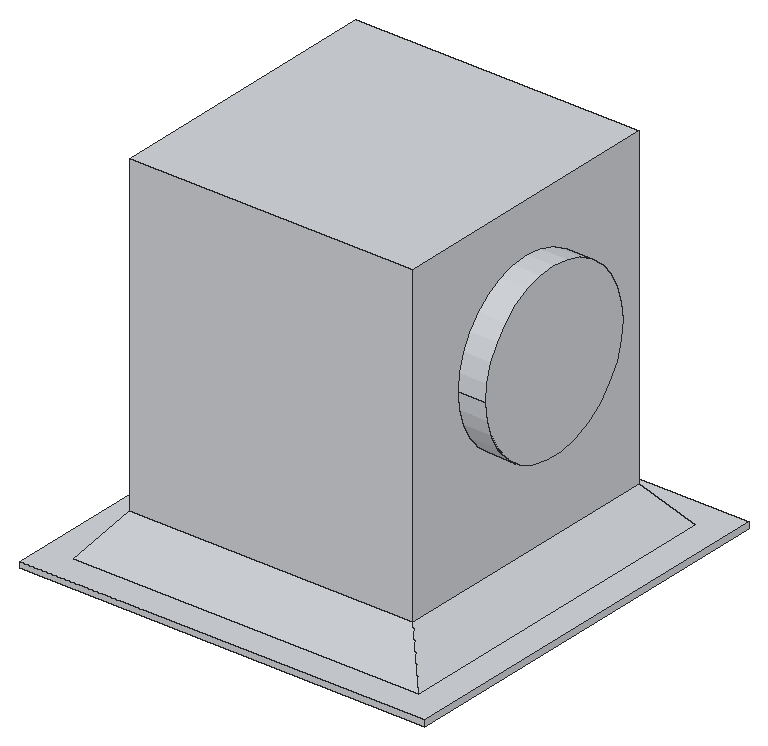
Revit family "Difusor de suprimento e retorno com Plenum combinado - Quadrado", category Terminais de ar, Revit 2019
Family settings
  Cota do conector redondo = Usar raio
  Tipo de parte = Normal
  ID de item do Seek = Supply Diffuser - Rectangular Face Round Neck-0000-CAN-ENU
  Com base no plano de trabalho = Não
  Sempre na vertical = Sim
  Corte com vazios quando carregada = Não
  Compartilhado = Não
  Ponto de cálculo do ambiente = Não
Parameters (values of type "Padrão")
  Altura total = 318 mm
  Comprimento do macho de torneira = 25 mm
  Altura de conexão da torneira = 200 mm
  Queda de pressão [instance] = 0.0 Pa
  Largura da lâmina 4 = Largura da grelha * 4 / 5  # 284.8 mm
  Largura da lâmina 3 = Largura da grelha * 3 / 5  # 213.6 mm
  Largura da lâmina 2 = Largura da grelha * 2 / 5  # 142.4 mm
  Largura da lâmina 1 = Largura da grelha * 1 / 5  # 71.2 mm
  Largura da grelha = 356 mm
  Material do difusor = none
  Altura do difusor = 40 mm
  Largura do difusor = Largura do plenum + 55 mm  # 304 mm
  UpFlowArrow [instance] = yes
  Largura do plenum = 249 mm
  RightFlowArrow [instance] = yes
  LeftFlowArrow [instance] = yes
  Fluxo [instance] = 0.0 L/s
  Raio do duto = 75 mm
  Diâmetro do duto = Raio do duto * 2  # 150 mm
  DownFlowArrow [instance] = yes
  Assembly Code = ""
Reference planes
  plane 1 "Centro (frente/trás)": y = 0
  plane 2: z = 0
  plane 3 "Centro (direita/esquerda)": x = 0
  plane 4: x = 457.2
  plane 5: y = 457.2
  plane 6: x = -457.2
  plane 7: y = -457.2
  plane 8 "Face da grelha": z = -5
  plane 9 "Inferior": z = 0
  plane 10 "Topo do difusor": z = 35
  plane 11 "Esquerda da grelha": x = -178
  plane 12 "Direita da grelha": x = 178
  plane 13 "Traseira da grelha": y = 178
  plane 14 "Frente da grelha": y = -178
  plane 15 "Esquerda": x = -152
  plane 16 "Direita": x = 152
  plane 17 "Parte posterior": y = 152
  plane 18 "Parte frontal": y = -152
  plane 19 "Frente superior do difusor": y = -124.5
  plane 20 "Traseira superior do difusor": y = 124.5
  plane 21 "Direita superior do difusor": x = 124.5
  plane 22 "Esquerda superior do difusor": x = -124.5
  plane 23 "Direita da lâmina 4": x = 142.4
  plane 24 "Frente da lâmina 4": y = -142.4
  plane 25 "Traseira da lâmina 4": y = 142.4
  plane 26 "Esquerda da lâmina 4": x = -142.4
  plane 27 "Traseira da lâmina 3": y = 106.8
  plane 28 "Frente da lâmina 3": y = -106.8
  plane 29 "Esquerda da lâmina 3": x = -106.8
  plane 30 "Direita da lâmina 3": x = 106.8
  plane 31 "Traseira da lâmina 2": y = 71.2
  plane 32 "Frente da lâmina 2": y = -71.2
  plane 33 "Direita da lâmina 2": x = 71.2
  plane 34 "Esquerda da lâmina 2": x = -71.2
  plane 35 "Esquerda da lâmina 1": x = -35.6
  plane 36 "Direita da lâmina 1": x = 35.6
  plane 37 "Traseira a lâmina 1": y = 35.6
  plane 38 "Frente da lâmina 1": y = -35.6
  plane 39 "Superior": z = 313
  plane 40 "Altura da torneira d": z = 195
  plane 41 "Torneira direita": x = 149.5
  plane 42 "Torneira esquerda": x = -149.5
Forms (mm)
  Blend 1, solid, material <- "Material do difusor"
    base sketch origin (0, 0, 0) x (1, 0, 0) y (0, 1, 0)
      loop
        line (-152, 152) -> (-152, -152) -> (152, -152) -> (152, 152) -> (-152, 152)
    top sketch origin (0, 0, 0) x (1, 0, 0) y (0, 1, 0)
      loop
        line (-124.5, 124.5) -> (-124.5, -124.5) -> (124.5, -124.5) -> (124.5, 124.5) -> (-124.5, 124.5)
    from 0 to 35
  Extrusion 2, solid, material <- "Material do difusor"
    sketch origin (0, 0, 0) x (1, 0, 0) y (0, 1, 0)
      loop
        line (-178, 178) -> (-178, -178) -> (178, -178) -> (178, 178) -> (-178, 178)
    from 0 to -5
  Extrusion 3, solid, material <- "Material do difusor"
    sketch origin (0, 0, 35) x (-1, 0, 0) y (0, -1, 0)
      loop
        line (124.5, -124.5) -> (124.5, 124.5) -> (-124.5, 124.5) -> (-124.5, -124.5) -> (124.5, -124.5)
    from 0 to 278
  Extrusion 4, solid, material <- "Material do difusor"
    sketch origin (124.5, 0, 0) x (0, 1, 0) y (0, 0, -1)
      loop
        circle (0, -195) r 75
    from 0 to -25
  Extrusion 5, solid, material <- "Material do difusor"
    sketch origin (-124.5, 0, 0) x (0, 1, 0) y (0, 0, 1)
      loop
        circle (0, 195) r 75
    from 0 to -25
Lines and regions (mm)
  symbolic lines
    curve 1: line (-152, 152, 0) -> (152, 152, 0)
    curve 2: line (152, 152, 0) -> (152, -152, 0)
    curve 3: line (152, -152, 0) -> (-152, -152, 0)
    curve 4: line (-152, -152, 0) -> (-152, 152, 0)
    curve 5: line (-152, 152, 0) -> (152, -152, 0)
    curve 6: line (-152, -152, 0) -> (152, 152, 0)
  model lines
    curve 7: line (-35.6, 35.6, -5) -> (35.6, 35.6, -5)
    curve 8: line (-35.6, -35.6, -5) -> (-35.6, 35.6, -5)
    curve 9: line (35.6, -35.6, -5) -> (-35.6, -35.6, -5)
    curve 10: line (35.6, 35.6, -5) -> (35.6, -35.6, -5)
    curve 11: line (-71.2, 71.2, -5) -> (71.2, 71.2, -5)
    curve 12: line (-71.2, -71.2, -5) -> (-71.2, 71.2, -5)
    curve 13: line (71.2, -71.2, -5) -> (-71.2, -71.2, -5)
    curve 14: line (71.2, 71.2, -5) -> (71.2, -71.2, -5)
    curve 15: line (-106.8, 106.8, -5) -> (106.8, 106.8, -5)
    curve 16: line (-106.8, -106.8, -5) -> (-106.8, 106.8, -5)
    curve 17: line (106.8, -106.8, -5) -> (-106.8, -106.8, -5)
    curve 18: line (106.8, 106.8, -5) -> (106.8, -106.8, -5)
    curve 19: line (-142.4, 142.4, -5) -> (142.4, 142.4, -5)
    curve 20: line (-142.4, -142.4, -5) -> (-142.4, 142.4, -5)
    curve 21: line (142.4, -142.4, -5) -> (-142.4, -142.4, -5)
    curve 22: line (142.4, 142.4, -5) -> (142.4, -142.4, -5)
Dimensions and locks
  "Largura do difusor": nested 3 to plane 3 "Centro (direita/esquerda)"
  "Largura do difusor": nested 2 to plane 1 "Centro (frente/trás)"
  "Largura do difusor": plane 3 "Centro (direita/esquerda)" to nested 1
  "Largura do difusor": nested 4 to plane 1 "Centro (frente/trás)"
  locked: plane 9 "Inferior" to plane 8 "Face da grelha" at 5
  "Altura do difusor": plane 10 "Topo do difusor" to plane 8 "Face da grelha"
  equal spacing: plane 11 "Esquerda da grelha", plane 3 "Centro (direita/esquerda)", plane 12 "Direita da grelha"
  "Largura da grelha": plane 11 "Esquerda da grelha" to plane 12 "Direita da grelha"
  equal spacing: plane 13 "Traseira da grelha", plane 1 "Centro (frente/trás)", plane 14 "Frente da grelha"
  "Largura da grelha": plane 13 "Traseira da grelha" to plane 14 "Frente da grelha"
  equal spacing: plane 18 "Parte frontal", plane 1 "Centro (frente/trás)", plane 17 "Parte posterior"
  "Largura do difusor": plane 17 "Parte posterior" to plane 18 "Parte frontal"
  equal spacing: plane 15 "Esquerda", plane 3 "Centro (direita/esquerda)", plane 16 "Direita"
  "Largura do difusor": plane 15 "Esquerda" to plane 16 "Direita"
  equal spacing: plane 20 "Traseira superior do difusor", plane 1 "Centro (frente/trás)", plane 19 "Frente superior do difusor"
  "Largura do plenum": plane 20 "Traseira superior do difusor" to plane 19 "Frente superior do difusor"
  "Largura do plenum": plane 22 "Esquerda superior do difusor" to plane 21 "Direita superior do difusor"
  equal spacing: plane 22 "Esquerda superior do difusor", plane 3 "Centro (direita/esquerda)", plane 21 "Direita superior do difusor"
  equal spacing: plane 26 "Esquerda da lâmina 4", plane 3 "Centro (direita/esquerda)", plane 23 "Direita da lâmina 4"
  "Largura da lâmina 4": plane 26 "Esquerda da lâmina 4" to plane 23 "Direita da lâmina 4"
  equal spacing: plane 24 "Frente da lâmina 4", plane 1 "Centro (frente/trás)", plane 25 "Traseira da lâmina 4"
  "Largura da lâmina 4": plane 24 "Frente da lâmina 4" to plane 25 "Traseira da lâmina 4"
  equal spacing: plane 29 "Esquerda da lâmina 3", plane 3 "Centro (direita/esquerda)", plane 30 "Direita da lâmina 3"
  "Largura da lâmina 3": plane 29 "Esquerda da lâmina 3" to plane 30 "Direita da lâmina 3"
  equal spacing: plane 28 "Frente da lâmina 3", plane 1 "Centro (frente/trás)", plane 27 "Traseira da lâmina 3"
  "Largura da lâmina 3": plane 28 "Frente da lâmina 3" to plane 27 "Traseira da lâmina 3"
  equal spacing: plane 31 "Traseira da lâmina 2", plane 1 "Centro (frente/trás)", plane 32 "Frente da lâmina 2"
  "Largura da lâmina 2": plane 32 "Frente da lâmina 2" to plane 31 "Traseira da lâmina 2"
  equal spacing: plane 34 "Esquerda da lâmina 2", plane 3 "Centro (direita/esquerda)", plane 33 "Direita da lâmina 2"
  "Largura da lâmina 2": plane 34 "Esquerda da lâmina 2" to plane 33 "Direita da lâmina 2"
  equal spacing: plane 37 "Traseira a lâmina 1", plane 1 "Centro (frente/trás)", plane 38 "Frente da lâmina 1"
  "Largura da lâmina 1": plane 38 "Frente da lâmina 1" to plane 37 "Traseira a lâmina 1"
  equal spacing: plane 35 "Esquerda da lâmina 1", plane 3 "Centro (direita/esquerda)", plane 36 "Direita da lâmina 1"
  "Largura da lâmina 1": plane 35 "Esquerda da lâmina 1" to plane 36 "Direita da lâmina 1"
  "Altura total": plane 39 "Superior" to plane 8 "Face da grelha"
  "Altura de conexão da torneira": plane 40 "Altura da torneira d" to plane 8 "Face da grelha"
  "Comprimento do macho de torneira": plane 21 "Direita superior do difusor" to plane 41 "Torneira direita"
  "Comprimento do macho de torneira": plane 22 "Esquerda superior do difusor" to plane 42 "Torneira esquerda"
  "Raio do duto": radius of Extrusion 4 sketch curve
  "Raio do duto": radius of Extrusion 5 sketch curve
  aligned and locked: curve 1 to Blend 1
  aligned and locked: curve 2 to Blend 1
  aligned and locked: curve 3 to Blend 1
  aligned and locked: curve 4 to Blend 1
  aligned and locked: plane 3 "Centro (direita/esquerda)" to nested 2
  aligned and locked: plane 1 "Centro (frente/trás)" to nested 1
  aligned and locked: nested 4 to plane 3 "Centro (direita/esquerda)"
  aligned and locked: nested 3 to plane 1 "Centro (frente/trás)"
  aligned and locked: plane 2 to plane 9 "Inferior"
  aligned and locked: plane 10 "Topo do difusor" to Blend 1
  aligned and locked: Extrusion 2 to plane 9 "Inferior"
  aligned and locked: Extrusion 2 to plane 8 "Face da grelha"
  aligned and locked: Extrusion 2 sketch curve to plane 13 "Traseira da grelha"
  aligned and locked: plane 11 "Esquerda da grelha" to Extrusion 2 sketch curve
  aligned and locked: plane 14 "Frente da grelha" to Extrusion 2 sketch curve
  aligned and locked: Extrusion 2 sketch curve to plane 12 "Direita da grelha"
  aligned and locked: Blend 1 sketch curve to plane 17 "Parte posterior"
  aligned and locked: plane 15 "Esquerda" to Blend 1 sketch curve
  aligned and locked: Blend 1 sketch curve to plane 18 "Parte frontal"
  aligned and locked: plane 16 "Direita" to Blend 1 sketch curve
  aligned and locked: Blend 1 sketch curve to plane 19 "Frente superior do difusor"
  aligned and locked: plane 22 "Esquerda superior do difusor" to Blend 1 sketch curve
  aligned and locked: Blend 1 sketch curve to plane 20 "Traseira superior do difusor"
  aligned and locked: plane 21 "Direita superior do difusor" to Blend 1 sketch curve
  aligned and locked: curve 20 to plane 26 "Esquerda da lâmina 4"
  aligned and locked: plane 25 "Traseira da lâmina 4" to curve 19
  aligned and locked: curve 22 to plane 23 "Direita da lâmina 4"
  aligned and locked: plane 24 "Frente da lâmina 4" to curve 21
  aligned and locked: curve 16 to plane 29 "Esquerda da lâmina 3"
  aligned and locked: plane 28 "Frente da lâmina 3" to curve 17
  aligned and locked: curve 18 to plane 30 "Direita da lâmina 3"
  aligned and locked: plane 27 "Traseira da lâmina 3" to curve 15
  aligned and locked: plane 32 "Frente da lâmina 2" to curve 13
  aligned and locked: curve 14 to plane 33 "Direita da lâmina 2"
  aligned and locked: plane 31 "Traseira da lâmina 2" to curve 11
  aligned and locked: curve 12 to plane 34 "Esquerda da lâmina 2"
  aligned and locked: curve 8 to plane 35 "Esquerda da lâmina 1"
  aligned and locked: plane 37 "Traseira a lâmina 1" to curve 7
  aligned and locked: curve 10 to plane 36 "Direita da lâmina 1"
  aligned and locked: plane 38 "Frente da lâmina 1" to curve 9
  aligned and locked: Extrusion 3 sketch curve to plane 20 "Traseira superior do difusor"
  aligned and locked: plane 22 "Esquerda superior do difusor" to Extrusion 3 sketch curve
  aligned and locked: plane 21 "Direita superior do difusor" to Extrusion 3 sketch curve
  aligned and locked: Extrusion 3 sketch curve to plane 19 "Frente superior do difusor"
  aligned and locked: Extrusion 3 to plane 10 "Topo do difusor"
  aligned and locked: plane 39 "Superior" to Extrusion 3
  aligned and locked: plane 40 "Altura da torneira d" to Extrusion 4 sketch curve
  aligned and locked: plane 1 "Centro (frente/trás)" to Extrusion 4 sketch curve
  aligned and locked: plane 21 "Direita superior do difusor" to Extrusion 4
  aligned and locked: plane 41 "Torneira direita" to Extrusion 4
  aligned and locked: Extrusion 5 to plane 42 "Torneira esquerda"
  aligned and locked: plane 22 "Esquerda superior do difusor" to Extrusion 5
Automatic sketch dimensions
  Extrusion 5 sketch curve to plane 1 "Centro (frente/trás)" = 0 mm
  Extrusion 5 sketch curve to plane 40 "Altura da torneira d" = 0 mm
Nested families
  nested 1: "Seta do terminal do duto" at (304, 0, 0), visible <- "RightFlowArrow", type "Seta do terminal do duto"
  nested 2: "Seta do terminal do duto" at (0, 304, 0) x (0, -1, 0) z (0, 0, 1), visible <- "UpFlowArrow", type "Seta do terminal de duto 2"
  nested 3: "Seta do terminal do duto" at (-304, 0, 0) x (-1, 0, 0) z (0, 0, 1), visible <- "LeftFlowArrow", type "Seta do terminal do duto"
  nested 4: "Seta do terminal do duto" at (0, -304, 0) x (0, 1, 0) z (0, 0, 1), visible <- "DownFlowArrow", type "Seta do terminal de duto 2"
Connectors
  hvac at (149.5, 0, 195), driven by "Queda de pressão", driven by "Fluxo", driven by "Raio do duto"
    settings: on Extrusion 4, index 1, duct flow 0.0 L/s, flow factor 0, pres drop 0.0 Pa, loss coef 0, conn angle 0.00°, conn width 304.8 mm, conn height 304.8 mm, conn diameter 150 mm, duct sys type 1, conn prof type 0, flow config 1, flow direction 1, loss method 4, conn ref index -1, conn util no, is conn primary yes, conn desc "Entrada de ar"
  hvac at (-149.5, 0, 195), driven by "Queda de pressão", driven by "Fluxo", driven by "Raio do duto"
    settings: on Extrusion 5, index 2, duct flow 0.0 L/s, flow factor 0, pres drop 0.0 Pa, loss coef 0, conn angle 0.00°, conn width 304.8 mm, conn height 304.8 mm, conn diameter 150 mm, duct sys type 2, conn prof type 0, flow config 1, flow direction 2, loss method 4, conn ref index -1, conn util no, is conn primary no, conn desc "Saída de ar"
Definition of nested family "Seta do terminal do duto"
  Parameters
    Largura = 600 mm
    Visibilidade 1 = yes
    Visibilidade 2 = no
    Comprimento 4 = (Meio comprimento 1 - Comprimento 5 * sin(20.00°) * 4) / 2  # 70.515 mm
    Comprimento 5 = Comprimento 2 * tan(20.00°)  # 116.199 mm
    Comprimento 3 = Comprimento 2 * 0.5  # 159.627 mm
    Comprimento 2 = Meio comprimento 1 / cos(20.00°)  # 319.253 mm
    Comprimento 1 = if(Altura > Largura, Altura, Largura)  # 600 mm
    Altura = 600 mm
    Meio comprimento 1 = Comprimento 1 * 0.5  # 300 mm
    Assembly Code = ""
  Reference planes
    plane 1 "Centro (Frente/Trás)": y = 0
    plane 2: z = 0
    plane 3 "Centro (Esquerda/Direita)": x = 0
  Lines and regions (mm)
    Filled region 1, type "Tijolo", in view "Nível de referência", visible <- "Visibilidade 1"
      outline origin (0, 0, 0) x (1, 0, 0) y (0, 1, 0)
        loop
          line (600, 0) -> (300, 109.191) -> (300, -109.191) -> (600, 0)
    Filled region 2, type "Preenchimento sólido - Preto", in view "Nível de referência", visible <- "Visibilidade 2"
      outline origin (0, 0, 0) x (1, 0, 0) y (0, 1, 0)
        loop
          line (-300, 109.191) -> (-300, -109.191) -> (0, 0) -> (-300, 109.191)
    detail lines, in view "Nível de referência", visible <- "Visibilidade 1"
      curve 1: line (0, 0, 0) -> (600, 0, 0)
      curve 2: line (600, 0, 0) -> (300, 109.191, 0)
      curve 3: line (600, 0, 0) -> (300, -109.191, 0)
      curve 4: line (300, 109.191, 0) -> (300, -109.191, 0)
    detail lines, in view "Nível de referência", visible <- "Visibilidade 2"
      curve 5: line (-300, 0, 0) -> (0, 0, 0)
      curve 6: line (0, 0, 0) -> (-300, 109.191, 0)
      curve 7: line (0, 0, 0) -> (-300, -109.191, 0)
      curve 8: line (-300, 109.191, 0) -> (-300, -109.191, 0)
      curve 9: line (-300, 0, 0) -> (-370.515, 0, 0)
      curve 10: line (-370.515, 0, 0) -> (-410.258, 109.191, 0)
      curve 11: line (-450, 0, 0) -> (-410.258, 109.191, 0)
      curve 12: line (-450, 0, 0) -> (-489.742, -109.191, 0)
      curve 13: line (-529.485, 0, 0) -> (-489.742, -109.191, 0)
      curve 14: line (-529.485, 0, 0) -> (-600, 0, 0)
  Dimensions and locks
    "Comprimento 1": curve 1 to curve 1
    "Comprimento 2": curve 2 to curve 2
    "Comprimento 2": curve 3 to curve 3
    "Meio comprimento 1": curve 5 to curve 5
    "Comprimento 2": curve 6 to curve 6
    "Comprimento 2": curve 7 to curve 7
    "Comprimento 4": curve 9 to curve 9
    "Comprimento 5": curve 10 to curve 10
    "Comprimento 5": curve 11 to curve 11
    "Comprimento 5": curve 12 to curve 12
    "Comprimento 5": curve 13 to curve 13
    "Comprimento 4": curve 14 to curve 14
    locked: curve 2 to curve 1 (angle 20.00°)
    locked: curve 6 to curve 5 (angle 20.00°)
    locked: curve 9 to curve 10 (angle 110.00°)
    locked: curve 11 to curve 12 (angle 180.00°)
    aligned and locked: plane 1 "Centro (Frente/Trás)" to curve 1
    aligned and locked: Filled region 1 sketch curve to curve 2
    aligned and locked: Filled region 1 sketch curve to curve 3
    aligned and locked: Filled region 1 sketch curve to curve 4
    aligned and locked: plane 1 "Centro (Frente/Trás)" to curve 5
    aligned and locked: plane 3 "Centro (Esquerda/Direita)" to curve 5
    aligned and locked: Filled region 2 sketch curve to curve 8
    aligned and locked: Filled region 2 sketch curve to curve 6
    aligned and locked: Filled region 2 sketch curve to curve 7
    aligned and locked: curve 14 to plane 1 "Centro (Frente/Trás)"
  Automatic sketch dimensions
    plane 1 "Centro (Frente/Trás)" to curve 12 = 0 mm
Types in the file's own list only (6): name | Altura total | Altura de conexão da torneira | Largura da lâmina 4 | Largura da lâmina 3 | Largura da lâmina 2 | Largura da lâmina 1 | Largura da grelha | Largura do difusor | Largura do plenum | Raio do duto | Diâmetro do duto
  356 x 356 | 318 mm | 231 mm | 285 mm | 214 mm | 142 mm | 71 mm | 356 mm | 359 mm | 304 mm | 63 mm | 125 mm
  412 x 412 | 428 mm | 328 mm | 330 mm | 247 mm | 165 mm | 82 mm | 412 mm | 415 mm | 360 mm | 75 mm | 150 mm
  468 x 468 | 428 mm | 303 mm | 374 mm | 281 mm | 187 mm | 94 mm | 468 mm | 471 mm | 416 mm | 100 mm | 200 mm
  498 x 498 | 450 mm | 325 mm | 398 mm | 299 mm | 199 mm | 100 mm | 498 mm | 501 mm | 446 mm | 100 mm | 200 mm
  598 x 598 | 550 mm | 375 mm | 478 mm | 359 mm | 239 mm | 120 mm | 598 mm | 601 mm | 546 mm | 150 mm | 300 mm
  623 x 623 | 550 mm | 375 mm | 498 mm | 374 mm | 249 mm | 125 mm | 623 mm | 626 mm | 571 mm | 150 mm | 300 mm
